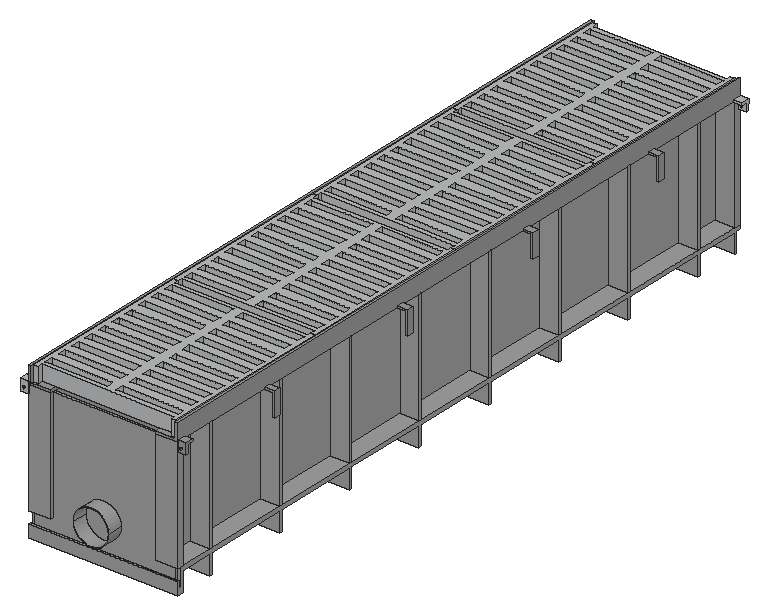
Revit family "Drain_Trench-Zurn-Z874-U-12-HDG", category Plumbing Fixtures, Revit 2022
Family settings
  Round Connector Dimension = Use Radius
  Part Type = Normal
  OmniClass Number = 23.70.50.21.24.14
  OmniClass Title = Deck Waste Water Drains
  Work Plane-Based = No
  Always vertical = Yes
  Cut with Voids When Loaded = No
  Maintain Annotation Orientation = No
  Shared = No
  Room Calculation Point = No
Parameters (values of type "Load Family Type Catalog")
  Waste Connection = 1 = 1  # yes
  WFU = 1  # constant formula
  Vent Connection = 1 = 0  # no
  URL = "www.zurn.com"
  Type Comments = "Z874-U-12-HDG With 4 Inch End outlet"
  Rotation Angle = if(Bottom Outlet, 180.00°, 90.00°)  # 90.00°
  Product data url = "https://www.bimobject.com/zurnindustries/product/z874-u-12-hdg"
  Product Page URL = "https://www.zurn.com/products/drainage-interceptors/trench-drain-systems/linear-trench-drain/sports-complex-recreational/z874-u-12-hdg"
  Product Documentation Link = "https://files.zurn.com/spec-sheets/z874-u-12-hdg.pdf"
  Pipe Size_A Outer Diameter = 4.000"
  Pipe Size_A Nominal Diameter = 4.000"
  Pipe Size_A Inside Diameter = 4.026"
  Offset Distance [instance] = if(Bottom Outlet, Connector Radius + 2.750", 42.000")  # 42.000"
  Modified Date = "02/27/2026"  # constant formula
  Model = "Z874-U-12-HDG"
  Material_Grate [instance] = Iron - Zurn - Galvanized- Ductile
  Manufacurer Brand = "Zurn"  # constant formula
  Manufacturer = "Zurn Water, LLC"  # constant formula
  Main Material [instance] = Polymer - Zurn - HDPE - Grey
  HWFU = 0  # constant formula
  HW Connection = 1 = 0  # no
  Frame Material = Steel - Zurn  - Galvanized
  Frame Adjustment Height [instance] = if([Enter Value-Frame Adjustment Height] < 4.000", 4.000", if([Enter Value-Frame Adjustment Height] > 31.250", 31.250", [Enter Value-Frame Adjustment Height]))  # 15.000"
  Enter Value-Frame Adjustment Height [instance] = 15.000"
  End Outlet = yes
  Description = "UTILITY TRENCH W/ STEEL FRAME 18 [457] THROAT WIDTH & COVER"  # constant formula
  Default Elevation = 20.000"  # constant formula
  Date Created = "02/27/2026"  # constant formula
  Connector Visibility = no
  Connector Radius = Pipe Size_A Nominal Diameter / 2  # 2.000"
  CWFU = 0  # constant formula
  CW Connection = 1 = 0  # no
  Bottom Outlet = no
  Assembly Code = "D2040300"
Reference planes (in)
  plane 1 "Center (Front/Back)": y = 0
  plane 2: z = 0
  plane 3 "Center (Left/Right)": x = 0
  plane 4: z = 0
  plane 5: x = -8.5
  plane 6: x = 8.5
  plane 7: x = -8.25
  plane 8: x = 8.25
  plane 9: x = -6
  plane 10: x = 6
  plane 11: z = -2
  plane 12: z = -1.75
  plane 13: y = 40.28125
  plane 14: y = -40.28125
  plane 15: z = -17.75
  plane 16: z = -15
  plane 17: z = -15
  plane 18 "bottom": z = -17.75
  plane 19: x = -9.5
  plane 20: x = 9.5
  plane 21: z = -17.75
  plane 22: z = -15
  plane 23: z = -13
  plane 24 "End": y = -42
  plane 25: y = -42
  plane 26: z = -22.34318
  plane 27: x = -2
  plane 28: x = 2
  plane 29: z = -11
  plane 30: z = -15
  plane 31: y = 2
  plane 32: y = -2
  plane 33: y = -20
  plane 34: y = 0
  plane 35: y = 20
  plane 36: y = 39.71875
  plane 37: y = -40
  plane 38: y = 40
  plane 39: z = -4.47
Forms (in)
  Extrusion 1, solid, material "Steel - Zurn  - Galvanized" <- "Frame Material", detail levels fine
    sketch origin (0.5, 0, -1.75) x (1, 0, 0) y (0, 0, 1)
      loop
        line (5.5, -0.25) -> (8, -0.25) -> (8, 1.75) -> (7.75, 1.75) -> (7.75, 0) -> (5.5, 0) -> (5.5, -0.25)
      loop
        line (-6.5, -0.25) -> (-6.5, 0) -> (-8.75, 0) -> (-8.75, 1.75) -> (-9, 1.75) -> (-9, -0.25) -> (-6.5, -0.25)
    from -40.28125 to 40.28125
  Extrusion 2, solid, material "Polymer - Zurn - HDPE - Grey" <- "Main Material", detail levels fine
    sketch origin (-0.0023, -0.4887, 0) x (1, 0, 0) y (0, 1, 0)
      loop
        line (6.0023, -39.29255) -> (8.2523, -39.29255) -> (8.2523, -39.54255) -> (6.0023, -39.54255) -> (6.0023, -39.79255) -> (8.5023, -39.79255) -> (8.5023, -39.04255) -> (6.2523, -39.04255) -> (6.2523, -35.125) -> (8.5023, -35.125) -> (8.5023, -34.875) -> (6.2523, -34.875) -> (6.2523, -25.125) -> (8.5023, -25.125) -> (8.5023, -24.875) -> (6.2523, -24.875) -> (6.2523, -15.125) -> (8.5023, -15.125) -> (8.5023, -14.875) -> (6.2523, -14.875) -> (6.2523, -5.125) -> (8.5023, -5.125) -> (8.5023, -4.875) -> (6.2523, -4.875) -> (6.2523, 4.875) -> (8.5023, 4.875) -> (8.5023, 5.125) -> (6.2523, 5.125) -> (6.2523, 14.875) -> (8.5023, 14.875) -> (8.5023, 15.125) -> (6.2523, 15.125) -> (6.2523, 24.75188) -> (8.5023, 24.75188) -> (8.5023, 25.00188) -> (6.2523, 25.00188) -> (6.2523, 34.75188) -> (8.5023, 34.75188) -> (8.5023, 35.00188) -> (6.2523, 35.00188) -> (6.2523, 40.01995) -> (8.5023, 40.01995) -> (8.5023, 40.76995) -> (6.0023, 40.76995) -> (6.0023, 40.51995) -> (8.2523, 40.51995) -> (8.2523, 40.26995) -> (6.0023, 40.26995) -> (6.0023, -39.29255)
      loop
        line (-5.9977, -39.29255) -> (-5.9977, 40.26995) -> (-8.2477, 40.26995) -> (-8.2477, 40.51995) -> (-5.9977, 40.51995) -> (-5.9977, 40.76995) -> (-8.4977, 40.76995) -> (-8.4977, 40.01995) -> (-6.2477, 40.01995) -> (-6.2477, 35.00188) -> (-8.4977, 35.00188) -> (-8.4977, 34.75188) -> (-6.2477, 34.75188) -> (-6.2477, 25.00188) -> (-8.4977, 25.00188) -> (-8.4977, 24.75188) -> (-6.2477, 24.75188) -> (-6.2477, 15.125) -> (-8.4977, 15.125) -> (-8.4977, 14.875) -> (-6.2477, 14.875) -> (-6.2477, 5.125) -> (-8.4977, 5.125) -> (-8.4977, 4.875) -> (-6.2477, 4.875) -> (-6.2477, -4.875) -> (-8.4977, -4.875) -> (-8.4977, -5.125) -> (-6.2477, -5.125) -> (-6.2477, -14.875) -> (-8.4977, -14.875) -> (-8.4977, -15.125) -> (-6.2477, -15.125) -> (-6.2477, -24.875) -> (-8.4977, -24.875) -> (-8.4977, -25.125) -> (-6.2477, -25.125) -> (-6.2477, -34.875) -> (-8.4977, -34.875) -> (-8.4977, -35.125) -> (-6.2477, -35.125) -> (-6.2477, -39.04255) -> (-8.4977, -39.04255) -> (-8.4977, -39.79255) -> (-5.9977, -39.79255) -> (-5.9977, -39.54255) -> (-8.2477, -39.54255) -> (-8.2477, -39.29255) -> (-5.9977, -39.29255)
    from -15 to -2
  Extrusion 3, solid, material "Polymer - Zurn - HDPE - Grey" <- "Main Material", detail levels fine
    sketch origin (0, 0, -7.7389) x (0, 1, 0) y (0, 0, 1)
      loop
        line (-15.6137, -7.7611) -> (-15.6137, -10.0111) -> (-15.3637, -10.0111) -> (-15.3637, -7.7611) -> (-5.6137, -7.7611) -> (-5.6137, -10.0111) -> (-5.3637, -10.0111) -> (-5.3637, -7.7611) -> (4.3863, -7.7611) -> (4.3863, -10.0111) -> (4.6363, -10.0111) -> (4.6363, -7.7611) -> (14.3863, -7.7611) -> (14.3863, -10.0111) -> (14.6363, -10.0111) -> (14.6363, -7.7611) -> (24.26319, -7.7611) -> (24.26319, -10.0111) -> (24.51319, -10.0111) -> (24.51319, -7.7611) -> (34.26319, -7.7611) -> (34.26319, -10.0111) -> (34.51319, -10.0111) -> (34.51319, -7.7611) -> (39.53125, -7.7611) -> (39.53125, -10.0111) -> (39.71875, -10.0111) -> (39.71875, -7.7611) -> (40.28125, -7.7611) -> (40.28125, -7.2611) -> (-39.78125, -7.2611) -> (-39.78125, -9.3241) -> (-40.03125, -9.3241) -> (-40.03125, -8.5736) -> (-40.28125, -8.5736) -> (-40.28125, -10.0111) -> (-39.53125, -10.0111) -> (-39.53125, -7.7611) -> (-35.6137, -7.7611) -> (-35.6137, -10.0111) -> (-35.3637, -10.0111) -> (-35.3637, -7.7611) -> (-25.6137, -7.7611) -> (-25.6137, -10.0111) -> (-25.3637, -10.0111) -> (-25.3637, -7.7611) -> (-15.6137, -7.7611)
    from -8.5 to 8.5
  Extrusion 4, solid, material "Polymer - Zurn - HDPE - Grey" <- "Main Material", visible <- "Bottom Outlet", detail levels fine
    sketch origin (0, 0, 0) x (1, 0, 0) y (0, 1, 0)
      loop
        circle (0, 0) r 2
      loop
        circle (0, 0) r 2.013
    from -15.5 to -17.75
  Sweep 5, solid, material "Polymer - Zurn - HDPE - Grey" <- "Main Material", visible <- "Connector Visibility", detail levels fine
    path in 3D
      loop
        line (0, 0, -13) -> (0, -42, -13)
    profile origin (0, -21, -13) x (0, 0, -1) y (1, 0, 0)
      loop
        circle (0, 0) r 0.3
  Extrusion 6, solid, material "Polymer - Zurn - HDPE - Grey" <- "Main Material", visible <- "End Outlet", detail levels fine
    sketch origin (0, -0.95745, 0) x (1, 0, 0) y (0, 1, 0)
      loop
        line (-8.083, -39.0738) -> (8.083, -39.0738) -> (8.083, -38.8238) -> (-8.083, -38.8238) -> (-8.083, -39.0738)
    from -17.75 to -2
  Extrusion 7, solid, material "Polymer - Zurn - HDPE - Grey" <- "Main Material", visible <- "End Outlet", detail levels fine
    sketch origin (0, 0, 0) x (1, 0, 0) y (0, 0, 1)
      loop
        circle (0, -13) r 2
      loop
        circle (0, -13) r 2.013
    from 40.28125 to 42
  Extrusion 8, solid, material "Steel - Zurn  - Galvanized" <- "Frame Material", detail levels fine
    sketch origin (2.91829, -17.83491, -1.4875) x (1, 0, 0) y (0, 0, 1)
      loop
        line (5.58171, -0.2625) -> (5.58171, -0.5125) -> (6.58171, -0.5125) -> (6.58171, -2.9825) -> (6.83171, -2.9825) -> (6.83171, -0.2625) -> (5.58171, -0.2625)
      loop
        line (-11.41829, -0.2625) -> (-12.66829, -0.2625) -> (-12.66829, -2.9825) -> (-12.41829, -2.9825) -> (-12.41829, -0.5125) -> (-11.41829, -0.5125) -> (-11.41829, -0.2625)
    from 9.32009 to 10.0701
  Extrusion 9, solid, material "Steel - Zurn  - Galvanized" <- "Frame Material", detail levels fine
    sketch origin (0, 0, 0) x (0, 1, 0) y (0, 0, 1)
      loop
        line (-40.28125, -1.75) -> (-40.28125, -3) -> (-40.03125, -3) -> (-40.03125, -2) -> (-39.28125, -2) -> (-39.28125, -1.75) -> (-40.28125, -1.75)
    from 8.5 to 9.5
  Extrusion 10, void
    sketch origin (0, 0, 0) x (1, 0, 0) y (0, 0, 1)
      loop
        circle (9, -2.5) r 0.1875
      loop
        circle (-9, -2.5) r 0.1875
    from 39.78125 to 40.28125
  Extrusion 11, solid, material "Iron - Zurn - Galvanized- Ductile" <- "Material_Grate", detail levels fine
    sketch origin (0, 0, 0) x (0, 1, 0) y (0, 0, -1)
      loop
        line (-40.28125, 1.75) -> (-39.28125, 1.75) -> (-39.28125, 2) -> (-40.03125, 2) -> (-40.03125, 3) -> (-40.28125, 3) -> (-40.28125, 1.75)
    from 8.5 to 9.5
  Extrusion 12, void
    sketch origin (0, 0, 0) x (-1, 0, 0) y (0, 0, -1)
      loop
        circle (9, 2.5) r 0.1875
      loop
        circle (-9, 2.5) r 0.1875
    from 39.78125 to 40.28125
  Extrusion 13, solid, material "Iron - Zurn - Galvanized- Ductile" <- "Material_Grate", detail levels fine
    sketch origin (0, 0, 0) x (0, -1, 0) y (0, 0, 1)
      loop
        line (-40.28125, -1.75) -> (-40.28125, -3) -> (-40, -3) -> (-40, -2) -> (-39.28125, -2) -> (-39.28125, -1.75) -> (-40.28125, -1.75)
    from 8.5 to 9.5
  Extrusion 14, void
    sketch origin (0, 0, 0) x (-1, 0, 0) y (0, 0, 1)
      loop
        circle (9, -2.5) r 0.1875
      loop
        circle (-9, -2.5) r 0.1875
    from 39.78125 to 40.28125
  Extrusion 15, solid, material "Iron - Zurn - Galvanized- Ductile" <- "Material_Grate", detail levels fine
    sketch origin (0, 0, 0) x (0, -1, 0) y (0, 0, -1)
      loop
        line (-40.28125, 1.75) -> (-39.28125, 1.75) -> (-39.28125, 2) -> (-40, 2) -> (-40, 3) -> (-40.28125, 3) -> (-40.28125, 1.75)
    from 8.5 to 9.5
  Extrusion 16, void
    sketch origin (0, 0, 0) x (-1, 0, 0) y (0, 0, 1)
      loop
        circle (9, -2.5) r 0.1875
      loop
        circle (-9, -2.5) r 0.1875
    from 39.78125 to 40.28125
  Extrusion 17, solid, material "Steel - Zurn  - Galvanized" <- "Frame Material", detail levels fine
    sketch origin (2.91829, 17.83491, -1.4875) x (1, 0, 0) y (0, 0, -1)
      loop
        line (5.58171, 0.2625) -> (6.83171, 0.2625) -> (6.83171, 2.9825) -> (6.58171, 2.9825) -> (6.58171, 0.5125) -> (5.58171, 0.5125) -> (5.58171, 0.2625)
      loop
        line (-11.41829, 0.2625) -> (-11.41829, 0.5125) -> (-12.41829, 0.5125) -> (-12.41829, 2.9825) -> (-12.66829, 2.9825) -> (-12.66829, 0.2625) -> (-11.41829, 0.2625)
    from 9.32009 to 10.0701
  Extrusion 18, solid, material "Steel - Zurn  - Galvanized" <- "Frame Material", detail levels fine
    sketch origin (2.91829, -0.16509, -1.4875) x (1, 0, 0) y (0, 0, -1)
      loop
        line (5.58171, 0.2625) -> (6.83171, 0.2625) -> (6.83171, 2.9825) -> (6.58171, 2.9825) -> (6.58171, 0.5125) -> (5.58171, 0.5125) -> (5.58171, 0.2625)
      loop
        line (-11.41829, 0.2625) -> (-11.41829, 0.5125) -> (-12.41829, 0.5125) -> (-12.41829, 2.9825) -> (-12.66829, 2.9825) -> (-12.66829, 0.2625) -> (-11.41829, 0.2625)
    from 9.32009 to 10.0701
  Extrusion 19, solid, material "Steel - Zurn  - Galvanized" <- "Frame Material", detail levels fine
    sketch origin (2.91829, -18.16509, -1.4875) x (1, 0, 0) y (0, 0, -1)
      loop
        line (5.58171, 0.2625) -> (6.83171, 0.2625) -> (6.83171, 2.9825) -> (6.58171, 2.9825) -> (6.58171, 0.5125) -> (5.58171, 0.5125) -> (5.58171, 0.2625)
      loop
        line (-11.41829, 0.2625) -> (-11.41829, 0.5125) -> (-12.41829, 0.5125) -> (-12.41829, 2.9825) -> (-12.66829, 2.9825) -> (-12.66829, 0.2625) -> (-11.41829, 0.2625)
    from 9.32009 to 10.0701
Cuts and joins
  Extrusion 10, Extrusion 12, Extrusion 14, Extrusion 16 cuts Extrusion 9
  Extrusion 12, Extrusion 14, Extrusion 16 cuts Extrusion 11
  Extrusion 14 cuts Extrusion 13
  Extrusion 16 cuts Extrusion 15
Lines and regions (in)
  Masking region 1, detail levels fine
    outline origin (0, 0, 0) x (1, 0, 0) y (0, 1, 0)
      loop
        line (-8.5, -39.28125) -> (-9.5, -39.28125) -> (-9.5, -40.28125) -> (-8.5, -40.28125) -> (-8.25, -40.28125) -> (8.62571, -40.28125) -> (9.5, -40.28125) -> (9.5, -39.28125) -> (8.5, -39.28125) -> (8.5, -27.90502) -> (9.75, -27.90502) -> (9.75, -27.155) -> (8.5, -27.155) -> (8.5, -8.845) -> (9.75, -8.845) -> (9.75, -8.09498) -> (8.5, -8.09498) -> (8.5, 9.155) -> (9.75, 9.155) -> (9.75, 9.90502) -> (8.5, 9.90502) -> (8.5, 27.155) -> (9.75, 27.155) -> (9.75, 27.90502) -> (8.5, 27.90502) -> (8.5, 39.28125) -> (9.5, 39.28125) -> (9.5, 40.28125) -> (8.5, 40.28125) -> (-8.5, 40.28125) -> (-9.5, 40.28125) -> (-9.5, 39.28125) -> (-8.5, 39.28125) -> (-8.5, 27.90502) -> (-9.75, 27.90502) -> (-9.75, 27.155) -> (-8.5, 27.155) -> (-8.5, 9.90502) -> (-9.75, 9.90502) -> (-9.75, 9.155) -> (-8.5, 9.155) -> (-8.5, -8.09498) -> (-9.75, -8.09498) -> (-9.75, -8.845) -> (-8.5, -8.845) -> (-8.5, -27.155) -> (-9.75, -27.155) -> (-9.75, -27.90502) -> (-8.5, -27.90502) -> (-8.5, -39.28125)
  Masking region 2, visible <- "End Outlet", detail levels fine
    outline origin (0, 0, 0) x (1, 0, 0) y (0, 1, 0)
      loop
        line (-2, -42) -> (2, -42) -> (2, -40.28125) -> (-2, -40.28125) -> (-2, -42)
  reference lines
    curve 1: line (0, 0, -13) -> (0, -42, -13)
  sketch lines
    curve 2: line (0, 0, -13) -> (0, -42, -13)
  model lines, detail levels coarse+medium
    curve 3: line (-8.5, -40, 0) -> (-8.5, 40, 0)
    curve 4: line (8.5, 40, 0) -> (8.5, -40, 0)
    curve 5: line (8.5, 40, 0) -> (-8.5, 40, 0)
    curve 6: line (-8.5, -40, 0) -> (8.5, -40, 0)
    curve 7: line (0, -40.28125, 0) -> (0, -40.28125, -15)
    curve 8: line (0, -40.28125, -15) -> (0, 40.28125, -15)
    curve 9: line (0, 40.28125, -15) -> (0, 40.28125, 0)
    curve 16: line (0, 40.28125, 0) -> (0, 40, 0)
    curve 17: line (0, -40.28125, 0) -> (0, -40, 0)
    curve 18: line (-5.66667, 40, 0) -> (-5.66667, -40, 0)
    curve 19: line (5.66667, -40, 0) -> (5.66667, 40, 0)
    curve 20: line (0, 40, 0) -> (0, -40, 0)
    curve 21: line (-8.5, 36.36364, 0) -> (8.5, 36.36364, 0)
    curve 22: line (-8.5, 32.72727, 0) -> (8.5, 32.72727, 0)
    curve 23: line (-8.5, 29.09091, 0) -> (8.5, 29.09091, 0)
    curve 24: line (-8.5, 25.45455, 0) -> (8.5, 25.45455, 0)
    curve 25: line (-8.5, 21.81818, 0) -> (8.5, 21.81818, 0)
    curve 26: line (-8.5, 3.63636, 0) -> (8.5, 3.63636, 0)
    curve 27: line (-8.5, 7.27273, 0) -> (8.5, 7.27273, 0)
    curve 28: line (-8.5, 10.90909, 0) -> (8.5, 10.90909, 0)
    curve 29: line (-8.5, 14.54545, 0) -> (8.5, 14.54545, 0)
    curve 30: line (-8.5, 18.18182, 0) -> (8.5, 18.18182, 0)
    curve 31: line (-8.5, -36.36364, 0) -> (8.5, -36.36364, 0)
    curve 32: line (-8.5, -32.72727, 0) -> (8.5, -32.72727, 0)
    curve 33: line (-8.5, -29.09091, 0) -> (8.5, -29.09091, 0)
    curve 34: line (-8.5, -25.45455, 0) -> (8.5, -25.45455, 0)
    curve 35: line (-8.5, -21.81818, 0) -> (8.5, -21.81818, 0)
    curve 36: line (-8.5, -7.27273, 0) -> (8.5, -7.27273, 0)
    curve 37: line (-8.5, -10.90909, 0) -> (8.5, -10.90909, 0)
    curve 38: line (-8.5, -14.54545, 0) -> (8.5, -14.54545, 0)
    curve 39: line (-8.5, -18.18182, 0) -> (8.5, -18.18182, 0)
    curve 40: line (-8.25, 0, 0) -> (8.5, 0, 0)
    curve 41: line (8.5, -3.63636, 0) -> (-8.5, -3.63636, 0)
    curve 42: line (-2.83333, 40, 0) -> (-2.83333, -40, 0)
    curve 43: line (2.83333, -40, 0) -> (2.83333, 40, 0)
  model lines, visible <- "Bottom Outlet", detail levels coarse+medium
    curve 10: line (0, 0, -15) -> (0, 0, -17.75)
    curve 14: line (-2, 0, -17.75) -> (2, 0, -17.75)
    curve 15: line (0, 2, -17.75) -> (0, -2, -17.75)
  model lines, visible <- "End Outlet", detail levels coarse+medium
    curve 11: line (0, -42, -13) -> (0, -40.28125, -13)
    curve 12: line (0, -42, -11) -> (0, -42, -15)
    curve 13: line (-2, -42, -13) -> (2, -42, -13)
  model lines
    curve 44: line (8.25, 40, 0) -> (8.25, -40, 0)
    curve 45: line (-8.25, -40, 0) -> (-8.25, 40, 0)
Dimensions and locks (in)
  locked: level to plane 4
  equal spacing: plane 6, plane 3 "Center (Left/Right)", plane 5
  locked: plane 6 to plane 5 at 17
  locked: plane 7 to plane 5 at 0.25
  locked: plane 6 to plane 8 at 0.25
  equal spacing: plane 10, plane 3 "Center (Left/Right)", plane 9
  locked: plane 10 to plane 9 at 12
  locked: plane 4 to plane 11 at 2
  locked: plane 12 to plane 11 at 0.25
  equal spacing: plane 13, plane 1 "Center (Front/Back)", plane 14
  locked: plane 13 to plane 14 at 80.5625
  locked: Extrusion 3 sketch curve to Extrusion 3 sketch curve at 0.25  (x11)
  locked: plane 16 to plane 15 at 2.75
  locked: plane 17 to plane 18 "bottom" at 2.75
  locked: plane 22 to plane 21 at 2.75
  "Offset Distance": curve 1 to curve 1
  locked: plane 1 "Center (Front/Back)" to plane 24 "End" at 42
  locked: plane 25 to plane 24 "End"
  plane 13 to plane 1 "Center (Front/Back)" to plane 14 = 40.28125" locked, 40.28125" locked
  locked: Extrusion 1 to Extrusion 2 sketch curve at 0.25  (x2)
  locked: Extrusion 2 sketch curve to Extrusion 2 sketch curve at 0.25  (x18)
  Extrusion 2 sketch curve to Extrusion 1 = 0.250"
  locked: Extrusion 2 sketch curve to Extrusion 1 at 0.25
  locked: Extrusion 6 sketch curve to Extrusion 6 sketch curve at 0.25
  level to plane 22 = 15.000"
  "Frame Adjustment Height": level to plane 17
  plane 11 to plane 17 = 13.000"
  "Connector Radius": plane 23 to plane 17
  locked: Extrusion 3 sketch curve to Extrusion 2 at 0.5
  locked: Extrusion 8 to Extrusion 8 at 0.75002
  locked: Extrusion 8 to Extrusion 8 at 0.25  (x2)
  locked: Extrusion 8 sketch curve to Extrusion 8 sketch curve at 0.25  (x2)
  locked: Extrusion 9 sketch curve to Extrusion 9 sketch curve at 1
  locked: Extrusion 9 sketch curve to Extrusion 9 sketch curve at 1.25
  locked: Extrusion 9 sketch curve to Extrusion 2 at 0.25
  locked: Extrusion 9 to plane 6 at 1
  locked: plane 11 to Extrusion 10 sketch curve at 0.5  (x2)
  locked: Extrusion 10 sketch curve to plane 6 at 0.5
  locked: plane 5 to Extrusion 10 sketch curve at 0.5
  equal spacing: plane 28, plane 3 "Center (Left/Right)", plane 27
  "Pipe Size_A Nominal Diameter": plane 28 to plane 27
  equal spacing: plane 29, plane 23, plane 30
  "Pipe Size_A Nominal Diameter": plane 29 to plane 30
  equal spacing: plane 32, plane 1 "Center (Front/Back)", plane 31
  "Pipe Size_A Nominal Diameter": plane 32 to plane 31
  plane 14 to Extrusion 8 to Extrusion 8 to plane 13 = 12.37623" locked, 0.75002" locked, 67.43625"
  plane 13 to Extrusion 8 to Extrusion 8 to plane 14 = 67.43625", 0.75002" locked, 12.37623" locked
  Extrusion 8 to Extrusion 8 = 0.250"
  equal spacing: Masking region 2 sketch curve, plane 3 "Center (Left/Right)", Masking region 2 sketch curve
  "Pipe Size_A Outer Diameter": Masking region 2 sketch curve to Masking region 2 sketch curve
  equal spacing: plane 38, plane 35, plane 34, plane 33, plane 37, locked at 20 each
  plane 7 to plane 3 "Center (Left/Right)" = 8.250"
  equal spacing: curve 5, curve 21, curve 22, curve 23, curve 24, curve 25, curve 30, curve 29, curve 28, curve 27, curve 26, curve 40, curve 41, curve 36, curve 37, curve 38, curve 39, curve 35, curve 34, curve 33, curve 32, curve 31, curve 6, locked at 3.63636 each
  locked: plane 12 to plane 39 at 2.72
  locked: Extrusion 2 sketch curve to Extrusion 2 sketch curve at 3.91755
  locked: Extrusion 2 sketch curve to nested 1 at 9.6244
  locked: Extrusion 2 sketch curve to Extrusion 2 sketch curve at 9.75  (x5)
  locked: Extrusion 2 sketch curve to Extrusion 2 sketch curve at 9.62688
  locked: Extrusion 2 sketch curve to Extrusion 2 sketch curve at 5.26806
  equal spacing: curve 3, curve 18, curve 42, curve 20, curve 43, curve 19, curve 4, locked at 2.83333 each
  locked: Extrusion 11 sketch curve to Extrusion 11 sketch curve at 1
  locked: Extrusion 11 sketch curve to Extrusion 11 sketch curve at 1.25
  locked: plane 11 to Extrusion 11 at 0.25
  locked: Extrusion 13 sketch curve to Extrusion 13 sketch curve at 1
  locked: Extrusion 13 sketch curve to Extrusion 13 sketch curve at 1.25
  locked: Extrusion 15 sketch curve to Extrusion 15 sketch curve at 1
  locked: Extrusion 15 sketch curve to Extrusion 15 sketch curve at 1.25
  locked: Extrusion 17 to Extrusion 17 at 0.75002  (x3)
  locked: Extrusion 17 to Extrusion 17 at 0.25
  locked: Extrusion 17 sketch curve to Extrusion 17 sketch curve at 0.25  (x2)
  locked: Extrusion 18 to Extrusion 18 at 0.75002  (x3)
  locked: Extrusion 18 to Extrusion 18 at 0.25
  locked: Extrusion 18 sketch curve to Extrusion 18 sketch curve at 0.25  (x2)
  locked: Extrusion 19 to Extrusion 19 at 0.75002  (x3)
  locked: Extrusion 19 to Extrusion 19 at 0.25
  locked: Extrusion 19 sketch curve to Extrusion 19 sketch curve at 0.25  (x2)
  locked: plane 20 to plane 6 at 1
  locked: plane 5 to plane 19 at 1
  locked: Extrusion 3 sketch curve to Extrusion 3 sketch curve at 0.1875
  "Pipe Size_A Outer Diameter": diameter of Extrusion 4 sketch curve
  "Pipe Size_A Inside Diameter": diameter of Extrusion 4 sketch curve
  "Pipe Size_A Outer Diameter": diameter of Extrusion 7 sketch curve
  "Pipe Size_A Inside Diameter": diameter of Extrusion 7 sketch curve
  "Rotation Angle": angle curve 1 to plane 1 "Center (Front/Back)"
  aligned and locked: plane 2 to level
  aligned and locked: Extrusion 1 sketch curve to plane 4
  aligned and locked: plane 4 to Extrusion 1 sketch curve
  aligned and locked: plane 5 to Extrusion 1 sketch curve
  aligned and locked: Extrusion 1 sketch curve to plane 7
  aligned and locked: plane 6 to Extrusion 1 sketch curve
  aligned and locked: Extrusion 1 sketch curve to plane 8
  aligned and locked: Extrusion 1 sketch curve to plane 9
  aligned and locked: Extrusion 1 sketch curve to plane 10
  aligned and locked: Extrusion 1 sketch curve to plane 11
  aligned and locked: plane 12 to Extrusion 1 sketch curve
  aligned and locked: plane 11 to Extrusion 1 sketch curve
  aligned and locked: Extrusion 1 sketch curve to plane 12
  aligned and locked: Extrusion 1 to plane 13
  aligned and locked: plane 14 to Extrusion 1
  aligned and locked: Extrusion 2 sketch curve to Extrusion 2 sketch curve  (x45)
  aligned and locked: plane 11 to Extrusion 2
  aligned and locked: Extrusion 3 sketch curve to Extrusion 3 sketch curve  (x10)
  aligned and locked: plane 15 to Extrusion 3 sketch curve  (x4)
  aligned and locked: Extrusion 3 sketch curve to plane 15  (x2)
  aligned and locked: Extrusion 2 to plane 17
  aligned and locked: plane 21 to Extrusion 3 sketch curve
  aligned and locked: Extrusion 3 sketch curve to plane 22
  aligned and locked: plane 17 to plane 22
  aligned and locked: plane 15 to plane 18 "bottom"
  aligned and locked: plane 1 "Center (Front/Back)" to curve 1
  aligned and locked: plane 23 to curve 1
  aligned and locked: profile plane to Sweep 5 sketch curve  (x2)
  aligned and locked: plane 3 "Center (Left/Right)" to Extrusion 4 sketch curve
  aligned and locked: plane 1 "Center (Front/Back)" to Extrusion 4 sketch curve
  aligned and locked: Extrusion 3 sketch curve to plane 13
  aligned and locked: Extrusion 3 sketch curve to plane 14
  aligned and locked: Extrusion 2 sketch curve to plane 14
  aligned and locked: Extrusion 2 sketch curve to plane 13
  aligned and locked: plane 11 to Extrusion 6
  aligned and locked: plane 23 to Extrusion 7 sketch curve  (x2)
  aligned and locked: plane 3 "Center (Left/Right)" to Extrusion 7 sketch curve  (x2)
  aligned and locked: Extrusion 7 to plane 25
  aligned and locked: Extrusion 7 to plane 14
  aligned and locked: Extrusion 4 to plane 18 "bottom"
  aligned and locked: Extrusion 4 to Extrusion 3
  aligned and locked: Extrusion 9 sketch curve to plane 12
  aligned and locked: Extrusion 9 sketch curve to plane 11
  aligned and locked: Extrusion 9 to plane 6
  aligned and locked: Extrusion 1 to Extrusion 10
  aligned and locked: Extrusion 10 to Extrusion 2
  aligned and locked: plane 13 to curve 9
  aligned and locked: plane 17 to curve 8
  aligned and locked: curve 7 to plane 14
  aligned and locked: plane 17 to curve 10
  aligned and locked: plane 18 "bottom" to curve 10
  aligned and locked: plane 1 "Center (Front/Back)" to curve 10
  aligned and locked: plane 25 to curve 11
  aligned and locked: plane 14 to curve 11
  aligned and locked: curve 11 to plane 23
  aligned and locked: plane 28 to curve 13
  aligned and locked: plane 27 to curve 13
  aligned and locked: curve 13 to plane 23
  aligned and locked: plane 29 to curve 12
  aligned and locked: plane 30 to curve 12
  aligned and locked: curve 12 to plane 3 "Center (Left/Right)"
  aligned and locked: plane 27 to curve 14
  aligned and locked: plane 28 to curve 14
  aligned and locked: plane 1 "Center (Front/Back)" to curve 14
  aligned and locked: plane 31 to curve 15
  aligned and locked: plane 32 to curve 15
  aligned and locked: curve 15 to plane 3 "Center (Left/Right)"
  aligned and locked: Extrusion 8 sketch curve to plane 12  (x2)
  aligned and locked: plane 11 to Extrusion 8 sketch curve
  aligned and locked: Extrusion 8 sketch curve to plane 11
  aligned and locked: plane 12 to Extrusion 8
  aligned and locked: plane 6 to Extrusion 8 sketch curve  (x2)
  aligned and locked: Masking region 1 sketch curve to Extrusion 1  (x2)
  aligned and locked: Extrusion 1 to Masking region 1 sketch curve
  aligned and locked: Extrusion 7 to Masking region 2 sketch curve  (x2)
  aligned and locked: plane 10 to Extrusion 2 sketch curve
  aligned and locked: plane 9 to Extrusion 2 sketch curve  (x3)
  aligned and locked: nested 1 to plane 12
  aligned and locked: plane 12 to nested 2
  aligned and locked: nested 3 to plane 12
  aligned and locked: nested 4 to plane 38
  aligned and locked: plane 35 to nested 3
  aligned and locked: plane 34 to nested 2
  aligned and locked: plane 37 to nested 1
  aligned and locked: plane 12 to nested 4
  aligned and locked: curve 6 to plane 37
  aligned and locked: plane 4 to curve 17
  aligned and locked: curve 16 to plane 4
  aligned and locked: plane 37 to curve 18
  aligned and locked: plane 38 to curve 18
  aligned and locked: Extrusion 1 to Masking region 1
  aligned and locked: Extrusion 2 sketch curve to plane 8
  aligned and locked: Extrusion 2 sketch curve to plane 7
  aligned and locked: Extrusion 2 sketch curve to plane 10
  aligned and locked: plane 8 to Extrusion 2 sketch curve
  aligned and locked: plane 7 to Extrusion 2 sketch curve
  aligned and locked: plane 5 to Extrusion 2 sketch curve  (x4)
  aligned and locked: plane 6 to Extrusion 2 sketch curve  (x2)
  aligned and locked: Extrusion 2 sketch curve to plane 6
  aligned and locked: Extrusion 3 to Extrusion 1  (x2)
  aligned and locked: plane 5 to curve 21
  aligned and locked: plane 6 to curve 33
  aligned and locked: plane 6 to curve 38
  aligned and locked: curve 44 to plane 8
  aligned and locked: plane 7 to curve 45
  aligned and locked: Extrusion 11 to Extrusion 8
  aligned and locked: cut or joined group of Extrusion 15, Extrusion 16 to plane 13
  aligned and locked: cut or joined group of Extrusion 15, Extrusion 16 to plane 38
  aligned and locked: plane 12 to cut or joined group of Extrusion 15, Extrusion 16
  aligned and locked: plane 12 to cut or joined group of Extrusion 13, Extrusion 14
  aligned and locked: cut or joined group of Extrusion 13, Extrusion 14 to plane 11
  aligned and locked: cut or joined group of Extrusion 13, Extrusion 14 to plane 13
  aligned and locked: cut or joined group of Extrusion 13, Extrusion 14 to plane 38
  aligned and locked: Extrusion 3 sketch curve to plane 36
  aligned and locked: Masking region 1 sketch curve to cut or joined group of Extrusion 13, Extrusion 14  (x3)
  aligned and locked: Masking region 1 sketch curve to cut or joined group of Extrusion 15, Extrusion 16  (x3)
  aligned and locked: Extrusion 18 sketch curve to plane 12
  aligned and locked: plane 11 to Extrusion 18 sketch curve
  aligned and locked: plane 39 to Extrusion 18 sketch curve  (x3)
  aligned and locked: plane 12 to Extrusion 18 sketch curve
  aligned and locked: Extrusion 17 sketch curve to plane 12
  aligned and locked: plane 11 to Extrusion 17 sketch curve
  aligned and locked: plane 12 to Extrusion 17 sketch curve
  aligned and locked: Extrusion 17 sketch curve to plane 11
  aligned and locked: plane 12 to Extrusion 19 sketch curve
  aligned and locked: Extrusion 19 sketch curve to plane 11
  aligned and locked: Extrusion 19 sketch curve to plane 39
  aligned and locked: plane 39 to Extrusion 19 sketch curve  (x2)
  aligned and locked: Extrusion 19 sketch curve to plane 12
  aligned and locked: plane 11 to Extrusion 19 sketch curve
  aligned and locked: plane 6 to Extrusion 19 sketch curve
  aligned and locked: plane 5 to Extrusion 19 sketch curve
  aligned and locked: plane 39 to Extrusion 8 sketch curve
  aligned and locked: Extrusion 8 sketch curve to plane 39
  aligned and locked: plane 5 to Extrusion 8 sketch curve
  aligned and locked: plane 19 to Extrusion 8 sketch curve
  aligned and locked: plane 20 to Extrusion 8 sketch curve
  aligned and locked: plane 19 to Extrusion 19 sketch curve
  aligned and locked: plane 20 to Extrusion 19 sketch curve
  aligned and locked: plane 20 to Extrusion 18 sketch curve
  aligned and locked: plane 19 to Extrusion 18 sketch curve
  aligned and locked: Extrusion 18 sketch curve to plane 11
  aligned and locked: plane 19 to Extrusion 17 sketch curve
  aligned and locked: plane 39 to Extrusion 17 sketch curve
  aligned and locked: plane 20 to Extrusion 17 sketch curve
  aligned and locked: plane 6 to Extrusion 17 sketch curve
  aligned and locked: Masking region 1 sketch curve to Extrusion 19  (x6)
  aligned and locked: Masking region 1 sketch curve to plane 5  (x3)
  aligned and locked: plane 6 to Masking region 1 sketch curve  (x2)
  aligned and locked: Masking region 1 sketch curve to plane 6
  aligned and locked: Extrusion 18 to Masking region 1 sketch curve  (x3)
  aligned and locked: Masking region 1 sketch curve to Extrusion 18  (x5)
  aligned and locked: Masking region 1 sketch curve to Extrusion 8  (x6)
  aligned and locked: Masking region 1 sketch curve to cut or joined group of Extrusion 11, Extrusion 12, Extrusion 14, Extrusion 16  (x3)
  aligned and locked: Masking region 1 sketch curve to cut or joined group of Extrusion 9, Extrusion 10, Extrusion 12, Extrusion 14, Extrusion 16
  aligned and locked: plane 14 to Masking region 1 sketch curve
  aligned and locked: Masking region 1 sketch curve to Extrusion 17  (x6)
  aligned and locked: Extrusion 17 to Masking region 1 sketch curve
  aligned and locked: plane 18 "bottom" to Extrusion 6
  aligned and locked: Masking region 2 to plane 27
Automatic sketch dimensions
  curve 17 to plane 37 = 0.000"
  curve 16 to plane 38 = 0.000"
  Extrusion 2 sketch curve to plane 6 = 0.000"  (x5)
  plane 14 to Extrusion 2 sketch curve = 0.000"
  plane 13 to Extrusion 2 sketch curve = 0.000"
  Extrusion 3 sketch curve to plane 15 = 0.000"
  Extrusion 3 sketch curve to Extrusion 3 sketch curve = 3.91755"
  Extrusion 3 sketch curve to plane 33 = 5.6137"
  plane 33 to Extrusion 3 sketch curve = 4.3863"
  plane 32 to Extrusion 3 sketch curve = 3.6137"
  Extrusion 3 sketch curve to plane 31 = 2.3863"
  Extrusion 3 sketch curve to plane 35 = 5.6137"
  plane 35 to Extrusion 3 sketch curve = 4.26319"
  Extrusion 3 sketch curve to plane 36 = 5.45556"
  plane 15 to Extrusion 3 sketch curve = 0.687"
  Extrusion 3 sketch curve to Extrusion 3 sketch curve = 0.7505"
  Extrusion 3 sketch curve to Extrusion 3 sketch curve = 0.500"
  plane 7 to Extrusion 6 sketch curve = 0.167"
  Extrusion 6 sketch curve to plane 8 = 0.167"
  Extrusion 6 sketch curve to plane 37 = 0.03125"
  Extrusion 9 sketch curve to plane 37 = 0.03125"
  Extrusion 11 sketch curve to plane 14 = 0.000"
  Extrusion 11 sketch curve to plane 11 = 0.000"
  Extrusion 11 sketch curve to plane 12 = 0.000"
  Extrusion 11 sketch curve to plane 37 = 0.03125"
  plane 6 to Extrusion 12 sketch curve = 0.500"
  Extrusion 12 sketch curve to plane 5 = 0.500"
  Extrusion 12 sketch curve to plane 11 = 0.500"  (x2)
  Extrusion 13 sketch curve to plane 13 = 0.000"
  Extrusion 13 sketch curve to plane 11 = 0.000"
  Extrusion 13 sketch curve to plane 38 = 0.000"
  Extrusion 13 sketch curve to plane 12 = 0.000"
  plane 6 to Extrusion 14 sketch curve = 0.500"
  Extrusion 14 sketch curve to plane 5 = 0.500"
  Extrusion 14 sketch curve to plane 11 = 0.500"  (x2)
  Extrusion 15 sketch curve to plane 13 = 0.000"
  Extrusion 15 sketch curve to plane 11 = 0.000"
  Extrusion 15 sketch curve to plane 38 = 0.000"
  Extrusion 15 sketch curve to plane 12 = 0.000"
  plane 6 to Extrusion 16 sketch curve = 0.500"
  Extrusion 16 sketch curve to plane 5 = 0.500"
  Extrusion 16 sketch curve to plane 11 = 0.500"  (x2)
  Extrusion 17 sketch curve to plane 5 = 0.000"
  Extrusion 17 sketch curve to plane 39 = 0.000"
  Extrusion 18 sketch curve to plane 5 = 0.000"
  Extrusion 18 sketch curve to plane 6 = 0.000"
  Masking region 1 sketch curve to plane 5 = 0.000"  (x2)
  Masking region 1 sketch curve to plane 7 = 0.000"
  Masking region 1 sketch curve to plane 6 = 0.000"
  plane 6 to Masking region 1 sketch curve = 0.12571"
  Extrusion 4 sketch curve to Extrusion 4 sketch curve = 0.000"  (x2)
  radius of Sweep 5 sketch curve = 0.300"
  radius of Extrusion 10 sketch curve = 0.1875"  (x2)
  radius of Extrusion 12 sketch curve = 0.1875"  (x2)
  radius of Extrusion 14 sketch curve = 0.1875"  (x2)
  radius of Extrusion 16 sketch curve = 0.1875"  (x2)
Nested families (in)
  nested 1: "Grate" at (0, -30, 0), Material_Grate <- "Material_Grate", type "Grate", detail levels fine
    with Material_Grate Iron - Zurn - Galvanized- Ductile, Frame Adjustment Height 3.063", Enter Value-Frame Adjustment Height 0.000"
  nested 2: "Grate" at (0, -10, 0), Material_Grate <- "Material_Grate", type "Grate", detail levels fine
    with Material_Grate Iron - Zurn - Galvanized- Ductile, Frame Adjustment Height 3.063", Enter Value-Frame Adjustment Height 0.000"
  nested 3: "Grate" at (0, 10, 0), Material_Grate <- "Material_Grate", type "Grate", detail levels fine
    with Material_Grate Iron - Zurn - Galvanized- Ductile, Frame Adjustment Height 3.063", Enter Value-Frame Adjustment Height 0.000"
  nested 4: "Grate" at (0, 30, 0), Material_Grate <- "Material_Grate", type "Grate", detail levels fine
    with Material_Grate Iron - Zurn - Galvanized- Ductile, Frame Adjustment Height 3.063", Enter Value-Frame Adjustment Height 0.000"
Connectors (in)
  piping at (0, -42, -13), diameter 4, driven by "Connector Radius", driven by "Waste Connection"
    settings: on Sweep 5, index 1, connector inside diameter 24", connector length 0.000", flow factor 0, pipe flow 0 GPM, pressure drop 0.00 psi, fitting loss kfactor 0, connector angle 0.00°, fixture units 0, engagement length 0.000", angle of deflection 0.00°, flow configuration 0, flow direction 2, fitting loss method 0, system type 16, joint type 0, gender type 0, connector reference index -1, connector utility 1, adjustable connector no, is connector primary yes, connector description "Sanitary Outlet"
Definition of nested family "Grate"
  Parameters (values of type "Grate")
    Waste Connection = 1 = 1  # yes
    WFU = 1  # constant formula
    Vent Connection = 1 = 0  # no
    URL = "www.zurn.com"
    Product data url = ""
    Product Page URL = ""
    Product Installation Sheet URL = ""
    Product Documentation Link = ""
    Pipe Size_A Outer Diameter = 0.000"
    Pipe Size_A Nominal Diameter = 0.000"
    Pipe Size_A Inside Diameter = 0.000"
    Modified Date = ""
    Material_Grate [instance] = none
    Manufacurer Brand = "Zurn"  # constant formula
    Manufacturer = "Zurn Water, LLC"  # constant formula
    Main Material = none
    HWFU = 0  # constant formula
    HW Connection = 1 = 0  # no
    Grate Open Area = 0 mm
    Frame Adjustment Height [instance] = if([Enter Value-Frame Adjustment Height] < 3.063", 3.063", if([Enter Value-Frame Adjustment Height] > 5.000", 5.000", [Enter Value-Frame Adjustment Height]))  # 3.063"
    Enter Value-Frame Adjustment Height [instance] = 0.000"
    Default Elevation = 20.000"  # constant formula
    Date Created = ""
    Connector Radius = Pipe Size_A Nominal Diameter / 2  # 0.000"
    CWFU = 0  # constant formula
    CW Connection = 1 = 0  # no
    Body Height_E = 0.000"
    Assembly Code = ""
    Approx. Weight (Lbs) = 0.000"
  Reference planes (in)
    plane 1 "Center (Front/Back)": y = 0
    plane 2: z = 0
    plane 3 "Center (Left/Right)": x = 0
    plane 4: y = -17.64041
    plane 5: y = -18.85253
    plane 6: x = 7.625
    plane 7: x = -7.625
    plane 8: x = -0.5
    plane 9: x = 0.5
    plane 10: y = -10
    plane 11: y = -10
    plane 12: y = -8.09524
    plane 13: y = -9.04762
    plane 14: y = -6.19048
    plane 15: y = -7.14286
    plane 16: y = -4.28571
    plane 17: y = -5.2381
    plane 18: y = 8.09524
    plane 19: y = 9.04762
    plane 20: y = 6.19048
    plane 21: y = 7.14286
    plane 22: y = 4.28571
    plane 23: y = 5.2381
    plane 24: y = 2.38095
    plane 25: y = 3.33333
    plane 26: y = 0.47619
    plane 27: y = 1.42857
    plane 28: y = -1.42857
    plane 29: y = -0.47619
    plane 30: y = -3.33333
    plane 31: y = -2.38095
    plane 32: y = 10
    plane 33: x = -8.125
    plane 34: x = 8.125
  Forms (in)
    Extrusion 1, solid, material <- "Material_Grate", detail levels fine
      sketch origin (32.60582, 37.7453, 0) x (1, 0, 0) y (0, 1, 0)
        loop
          line (-40.73082, -27.7453) -> (-40.73082, -47.7453) -> (-40.23082, -47.7453) -> (-40.23082, -47.2453) -> (-24.98082, -47.2453) -> (-24.98082, -47.7453) -> (-24.48082, -47.7453) -> (-24.48082, -27.7453) -> (-24.98082, -27.7453) -> (-24.98082, -28.2453) -> (-40.23082, -28.2453) -> (-40.23082, -27.7453) -> (-40.73082, -27.7453)
        loop
          line (-24.98082, -46.79292) -> (-24.98082, -45.84054) -> (-32.10582, -45.84054) -> (-32.10582, -46.79292) -> (-24.98082, -46.79292)
        loop
          line (-24.98082, -44.88816) -> (-24.98082, -43.93578) -> (-32.10582, -43.93578) -> (-32.10582, -44.88816) -> (-24.98082, -44.88816)
        loop
          line (-24.98082, -42.9834) -> (-24.98082, -42.03102) -> (-32.10582, -42.03102) -> (-32.10582, -42.9834) -> (-24.98082, -42.9834)
        loop
          line (-24.98082, -28.69768) -> (-32.10582, -28.69768) -> (-32.10582, -29.65006) -> (-24.98082, -29.65006) -> (-24.98082, -28.69768)
        loop
          line (-24.98082, -30.60244) -> (-32.10582, -30.60244) -> (-32.10582, -31.55482) -> (-24.98082, -31.55482) -> (-24.98082, -30.60244)
        loop
          line (-24.98082, -32.50721) -> (-32.10582, -32.50721) -> (-32.10582, -33.45959) -> (-24.98082, -33.45959) -> (-24.98082, -32.50721)
        loop
          line (-24.98082, -34.41197) -> (-32.10582, -34.41197) -> (-32.10582, -35.36435) -> (-24.98082, -35.36435) -> (-24.98082, -34.41197)
        loop
          line (-24.98082, -36.31673) -> (-32.10582, -36.31673) -> (-32.10582, -37.26911) -> (-24.98082, -37.26911) -> (-24.98082, -36.31673)
        loop
          line (-24.98082, -38.22149) -> (-32.10582, -38.22149) -> (-32.10582, -39.17387) -> (-24.98082, -39.17387) -> (-24.98082, -38.22149)
        loop
          line (-40.23082, -46.79292) -> (-33.10582, -46.79292) -> (-33.10582, -45.84054) -> (-40.23082, -45.84054) -> (-40.23082, -46.79292)
        loop
          line (-40.23082, -44.88816) -> (-33.10582, -44.88816) -> (-33.10582, -43.93578) -> (-40.23082, -43.93578) -> (-40.23082, -44.88816)
        loop
          line (-40.23082, -42.9834) -> (-33.10582, -42.9834) -> (-33.10582, -42.03102) -> (-40.23082, -42.03102) -> (-40.23082, -42.9834)
        loop
          line (-40.23082, -28.69768) -> (-40.23082, -29.65006) -> (-33.10582, -29.65006) -> (-33.10582, -28.69768) -> (-40.23082, -28.69768)
        loop
          line (-40.23082, -30.60244) -> (-40.23082, -31.55482) -> (-33.10582, -31.55482) -> (-33.10582, -30.60244) -> (-40.23082, -30.60244)
        loop
          line (-40.23082, -32.50721) -> (-40.23082, -33.45959) -> (-33.10582, -33.45959) -> (-33.10582, -32.50721) -> (-40.23082, -32.50721)
        loop
          line (-40.23082, -34.41197) -> (-40.23082, -35.36435) -> (-33.10582, -35.36435) -> (-33.10582, -34.41197) -> (-40.23082, -34.41197)
        loop
          line (-40.23082, -36.31673) -> (-40.23082, -37.26911) -> (-33.10582, -37.26911) -> (-33.10582, -36.31673) -> (-40.23082, -36.31673)
        loop
          line (-40.23082, -38.22149) -> (-40.23082, -39.17387) -> (-33.10582, -39.17387) -> (-33.10582, -38.22149) -> (-40.23082, -38.22149)
        loop
          line (-24.98082, -40.12625) -> (-32.10582, -40.12625) -> (-32.10582, -41.07863) -> (-24.98082, -41.07863) -> (-24.98082, -40.12625)
        loop
          line (-40.23082, -40.12625) -> (-40.23082, -41.07863) -> (-33.10582, -41.07863) -> (-33.10582, -40.12625) -> (-40.23082, -40.12625)
      from -1.75 to 0
  Dimensions and locks (in)
    locked: plane 5 to plane 4 at 1.21212
    plane 8 to plane 3 "Center (Left/Right)" to plane 9 = 0.500" locked, 0.500" locked
    locked: Extrusion 1 sketch curve to Extrusion 1 sketch curve at 0.5
    plane 33 to plane 3 "Center (Left/Right)" to plane 34 = 8.125", 8.125"
    locked: plane 33 to plane 7 at 0.5
    locked: plane 6 to plane 34 at 0.5
    equal spacing: plane 32, plane 1 "Center (Front/Back)", plane 11, locked at 10 each
    equal spacing: plane 32, plane 19, plane 18, plane 21, plane 20, plane 23, plane 22, plane 25, plane 24, plane 27, plane 26, plane 29, plane 28, plane 31, plane 30, plane 16, plane 17, plane 14, plane 15, plane 12, plane 13, plane 11, locked at 0.95238 each
    aligned and locked: plane 2 to level
    aligned and locked: Extrusion 1 sketch curve to Extrusion 1 sketch curve
    aligned and locked: plane 13 to Extrusion 1 sketch curve
    aligned and locked: Extrusion 1 sketch curve to plane 12
    aligned and locked: plane 15 to Extrusion 1 sketch curve
    aligned and locked: Extrusion 1 sketch curve to plane 14
    aligned and locked: plane 17 to Extrusion 1 sketch curve
    aligned and locked: Extrusion 1 sketch curve to plane 16
    aligned and locked: plane 7 to Extrusion 1 sketch curve  (x8)
    aligned and locked: Extrusion 1 sketch curve to plane 7  (x4)
    aligned and locked: plane 8 to Extrusion 1 sketch curve  (x3)
    aligned and locked: Extrusion 1 sketch curve to plane 8  (x6)
    aligned and locked: Extrusion 1 sketch curve to plane 9  (x7)
    aligned and locked: plane 9 to Extrusion 1 sketch curve  (x4)
    aligned and locked: plane 6 to Extrusion 1 sketch curve  (x11)
    aligned and locked: plane 19 to Extrusion 1 sketch curve
    aligned and locked: Extrusion 1 sketch curve to plane 19
    aligned and locked: Extrusion 1 sketch curve to plane 18
    aligned and locked: plane 18 to Extrusion 1 sketch curve
    aligned and locked: Extrusion 1 sketch curve to plane 21
    aligned and locked: plane 21 to Extrusion 1 sketch curve
    aligned and locked: Extrusion 1 sketch curve to plane 20
    aligned and locked: plane 20 to Extrusion 1 sketch curve
    aligned and locked: Extrusion 1 sketch curve to plane 23
    aligned and locked: plane 23 to Extrusion 1 sketch curve
    aligned and locked: plane 22 to Extrusion 1 sketch curve  (x2)
    aligned and locked: Extrusion 1 sketch curve to plane 25
    aligned and locked: plane 25 to Extrusion 1 sketch curve
    aligned and locked: Extrusion 1 sketch curve to plane 24
    aligned and locked: plane 27 to Extrusion 1 sketch curve
    aligned and locked: Extrusion 1 sketch curve to plane 27
    aligned and locked: plane 26 to Extrusion 1 sketch curve
    aligned and locked: Extrusion 1 sketch curve to plane 26
    aligned and locked: plane 29 to Extrusion 1 sketch curve
    aligned and locked: Extrusion 1 sketch curve to plane 29
    aligned and locked: plane 28 to Extrusion 1 sketch curve
    aligned and locked: Extrusion 1 sketch curve to plane 28
    aligned and locked: plane 16 to Extrusion 1 sketch curve
    aligned and locked: plane 14 to Extrusion 1 sketch curve
    aligned and locked: Extrusion 1 sketch curve to plane 15
    aligned and locked: plane 12 to Extrusion 1 sketch curve
    aligned and locked: Extrusion 1 sketch curve to plane 13
    aligned and locked: Extrusion 1 sketch curve to plane 6
    aligned and locked: Extrusion 1 sketch curve to plane 17
    aligned and locked: Extrusion 1 sketch curve to plane 31
    aligned and locked: plane 30 to Extrusion 1 sketch curve
    aligned and locked: plane 31 to Extrusion 1 sketch curve
    aligned and locked: Extrusion 1 sketch curve to plane 30
    aligned and locked: plane 24 to Extrusion 1 sketch curve
    aligned and locked: plane 10 to plane 11
    aligned and locked: plane 32 to Extrusion 1 sketch curve
    aligned and locked: Extrusion 1 sketch curve to plane 32
    aligned and locked: Extrusion 1 sketch curve to plane 33
    aligned and locked: Extrusion 1 sketch curve to plane 34
    aligned and locked: plane 11 to Extrusion 1 sketch curve
Types in the file's own list only (8): name | Type Comments | Rotation Angle | Pipe Size_A Outer Diameter | Pipe Size_A Nominal Diameter | Pipe Size_A Inside Diameter | End Outlet | Default Elevation | Connector Radius | Bottom Outlet
  Z874-U-12-HDG E2 | "Z874-U-12-HDG With 2 Inch End outlet" | 90.00° | 2.375 " | 2.000 " | 2.067 " | Yes | 20.000 " | 1.000 " | No
  Z874-U-12-HDG E4 | "Z874-U-12-HDG With 4 Inch End outlet" | 90.00° | 4.500 " | 4.000 " | 4.026 " | Yes | 20.000 " | 2.000 " | No
  Z874-U-12-HDG E6 | "Z874-U-12-HDG With 6 Inch End outlet" | 90.00° | 6.625 " | 6.000 " | 6.065 " | Yes | 20.000 " | 3.000 " | No
  Z874-U-12-HDG E8 | "Z874-U-12-HDG With 8 Inch End outlet" | 90.00° | 8.625 " | 8.000 " | 7.981 " | Yes | 20.000 " | 4.000 " | No
  Z874-U-12-HDG E10 | "Z874-U-12-HDG With 10 Inch End outlet" | 90.00° | 10.750 " | 10.000 " | 10.020 " | Yes | 20.000 " | 5.000 " | No
  Z874-U-12-HDG U4 | "Z874-U-12-HDG With 4 Inch Bottom Outlet" | 180.00° | 4.500 " | 4.000 " | 4.026 " | No | 20.000 " | 2.000 " | Yes
  Z874-U-12-HDG U6 | "Z874-U-12-HDG With 6 Inch Bottom Outlet" | 180.00° | 6.625 " | 6.000 " | 6.065 " | No | 20.000 " | 3.000 " | Yes
  Z874-U-12-HDG U8 | "Z874-U-12-HDG With 8 Inch Bottom Outlet" | 180.00° | 8.625 " | 8.000 " | 7.981 " | No | 20.000 " | 4.000 " | Yes
